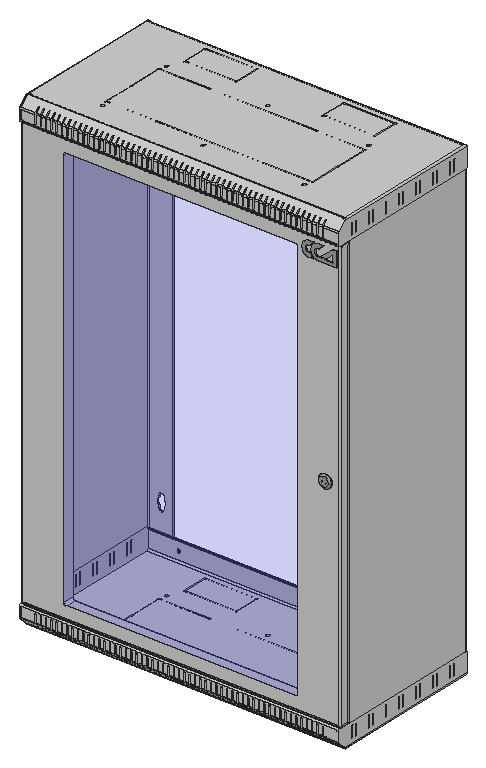
Revit family "Шкаф телекоммуникационный настенный сварной 19” 600х350", category Обобщенные модели, Revit 2019
Family settings
  Может служить основой для арматурных стержней = Нет
  Размер круглого соединителя = Использовать диаметр
  Тип детали = Нормальный
  На основе рабочей плоскости = Нет
  Всегда вертикально = Да
  При загрузке вырезать с полостями = Нет
  Общий = Нет
  Точка расчета площади = Нет
Parameters (values of type "ШТ-НСс 18U (600х300мм) стеклянная дверь")
  Крышка = Крышка 300 : Крышка 300
  Дверь = Дверь_С : Дверь_С
  Высота_двери = ADSK_Размер_Высота - 80 mm  # 813 mm
  ADSK_Этаж [instance] = ""
  ADSK_Размер_Ширина = 600 mm  # constant formula
  ADSK_Размер_Глубина = 300 mm  # constant formula
  ADSK_Размер_Высота = 893 mm
  ADSK_Примечание [instance] = ""
  ADSK_Предел огнестойкости = ""
  ADSK_Позиция [instance] = ""
  ADSK_Обозначение = "ШТ-НСс 18U (600х300мм) стеклянная дверь"
  ADSK_Наименование = "Шкаф телекоммуникационный настенный сварной 19”,18U(600x300), ШТ-НСс-18U-600-300-С дверь стекло ССД"
  ADSK_Материал обозначение = "Серый RAL 7035"  # constant formula
  ADSK_Масса_Текст = "21,0"
  ADSK_Марка [instance] = "ШТ-НСс 18U (600х300мм) стеклянная дверь"
  ADSK_Код изделия = "130411-00761"
  ADSK_Зона = ""
  ADSK_Завод-изготовитель = "АО СВЯЗЬСТРОЙДЕТАЛЬ"  # constant formula
  ADSK_Единица измерения = "шт"  # constant formula
  ADSK_URL страницы изделия = "https://www.ssd.ru/shkaf-telekommunikatsionnyy-nastennyy-svarnoy-19-18u-600x300-sht-nss-18u-600-300-s-dver-steklo"
  ADSK_URL документации изделия = "https://www.ssd.ru/upload/iblock/702/fbps99x9t5k7rvodinq4s9cgysybksc9/sert_sht_np.pdf"
Reference planes
  plane 1 "По центру (Вперед/Назад)": y = 0
  plane 2: z = 0
  plane 3 "По центру (Влево/Вправо)": x = 0
  plane 4: y = 150
  plane 5: y = -150
  plane 6: x = -300
  plane 7: x = 300
  plane 8: z = 446.5
  plane 9: z = -446.5
  plane 10: z = 406.5
  plane 11: z = -406.5
Forms (mm)
  Extrusion 1, solid, material "RAL 7035", detail levels medium+fine
    sketch origin (0, 174.994, 41.996) x (0, 1, 0) y (-1, 0, 0)
      loop
        arc (-28.009, 299) -> (-26.59, 298.412) -> (-26.002, 296.993) r 2.007
        line (-26.002, 296.993) -> (-26.002, 251.293)
        arc (-26.002, 251.293) -> (-25.501, 250.792) -> (-25, 251.293) r 0.501
        line (-25, 251.293) -> (-25, 296.993)
        arc (-25, 296.993) -> (-25.881, 299.119) -> (-28.007, 300) r 3.007
        line (-28.007, 300) -> (-300.506, 300)
        arc (-300.506, 300) -> (-301, 299.506) -> (-300.506, 299.013) r 0.494
        line (-300.506, 299.013) -> (-28.06, 299.013)
      loop
        arc (-28.007, -300) -> (-25.881, -299.119) -> (-25, -296.993) r 3.007
        line (-25, -296.993) -> (-25, -251.293)
        arc (-25, -251.293) -> (-25.501, -250.792) -> (-26.002, -251.293) r 0.501
        line (-26.002, -251.293) -> (-26.002, -296.993)
        arc (-26.002, -296.993) -> (-26.59, -298.412) -> (-28.009, -299) r 2.007
        line (-28.009, -299) -> (-300.5, -299)
        arc (-300.5, -299) -> (-301, -299.5) -> (-300.5, -300) r 0.5
        line (-300.5, -300) -> (-28.007, -300)
    from -448.496 to 364.504
  Extrusion 2, void, detail levels fine
    sketch origin (3.917, 0, 285.311) x (1, 0, 0) y (0, 0, 1)
      loop
        line (273.229, 77.108) -> (273.229, 81.669)
        arc (273.229, 81.669) -> (268.229, 86.669) -> (263.229, 81.669) r 5
        line (263.229, 81.669) -> (263.229, 77.09)
        arc (263.229, 77.09) -> (260.241, 70.854) -> (263.229, 64.618) r 8
        line (263.229, 64.618) -> (263.229, 60.039)
        arc (263.229, 60.039) -> (268.229, 55.039) -> (273.229, 60.039) r 5
        line (273.229, 60.039) -> (273.229, 64.6)
        arc (273.229, 64.6) -> (276.241, 70.854) -> (273.229, 77.108) r 8
    from -149 to -150
  Extrusion 3, void, detail levels fine
    sketch origin (-3.917, 0, 285.311) x (-1, 0, 0) y (0, 0, -1)
      loop
        arc (273.229, -77.108) -> (276.241, -70.854) -> (273.229, -64.6) r 8
        line (273.229, -64.6) -> (273.229, -60.039)
        arc (273.229, -60.039) -> (268.229, -55.039) -> (263.229, -60.039) r 5
        line (263.229, -60.039) -> (263.229, -64.618)
        arc (263.229, -64.618) -> (260.241, -70.854) -> (263.229, -77.09) r 8
        line (263.229, -77.09) -> (263.229, -81.669)
        arc (263.229, -81.669) -> (268.229, -86.669) -> (273.229, -81.669) r 5
        line (273.229, -81.669) -> (273.229, -77.108)
    from -149 to -150
  Extrusion 4, void, detail levels fine
    sketch origin (3.917, 0, -285.311) x (1, 0, 0) y (0, 0, 1)
      loop
        arc (273.229, -77.108) -> (276.241, -70.854) -> (273.229, -64.6) r 8
        line (273.229, -64.6) -> (273.229, -60.039)
        arc (273.229, -60.039) -> (268.229, -55.039) -> (263.229, -60.039) r 5
        line (263.229, -60.039) -> (263.229, -64.618)
        arc (263.229, -64.618) -> (260.241, -70.854) -> (263.229, -77.09) r 8
        line (263.229, -77.09) -> (263.229, -81.669)
        arc (263.229, -81.669) -> (268.229, -86.669) -> (273.229, -81.669) r 5
        line (273.229, -81.669) -> (273.229, -77.108)
    from -149 to -150
  Extrusion 5, void, detail levels fine
    sketch origin (-3.917, 0, -285.311) x (-1, 0, 0) y (0, 0, -1)
      loop
        line (273.229, 77.108) -> (273.229, 81.669)
        arc (273.229, 81.669) -> (268.229, 86.669) -> (263.229, 81.669) r 5
        line (263.229, 81.669) -> (263.229, 77.09)
        arc (263.229, 77.09) -> (260.241, 70.854) -> (263.229, 64.618) r 8
        line (263.229, 64.618) -> (263.229, 60.039)
        arc (263.229, 60.039) -> (268.229, 55.039) -> (273.229, 60.039) r 5
        line (273.229, 60.039) -> (273.229, 64.6)
        arc (273.229, 64.6) -> (276.241, 70.854) -> (273.229, 77.108) r 8
    from -149 to -150
  Extrusion 6, void, not visible, detail levels fine
    sketch origin (3.917, 25, 13.811) x (1, 0, 0) y (0, 0, 1)
      loop
        line (273.229, 77.108) -> (273.229, 81.669)
        arc (273.229, 81.669) -> (268.229, 86.669) -> (263.229, 81.669) r 5
        line (263.229, 81.669) -> (263.229, 77.09)
        arc (263.229, 77.09) -> (260.241, 70.854) -> (263.229, 64.618) r 8
        line (263.229, 64.618) -> (263.229, 60.039)
        arc (263.229, 60.039) -> (268.229, 55.039) -> (273.229, 60.039) r 5
        line (273.229, 60.039) -> (273.229, 64.6)
        arc (273.229, 64.6) -> (276.241, 70.854) -> (273.229, 77.108) r 8
    from -149 to -150
  Extrusion 7, void, not visible, detail levels fine
    sketch origin (-3.917, 25, 13.811) x (-1, 0, 0) y (0, 0, -1)
      loop
        arc (273.229, -77.108) -> (276.241, -70.854) -> (273.229, -64.6) r 8
        line (273.229, -64.6) -> (273.229, -60.039)
        arc (273.229, -60.039) -> (268.229, -55.039) -> (263.229, -60.039) r 5
        line (263.229, -60.039) -> (263.229, -64.618)
        arc (263.229, -64.618) -> (260.241, -70.854) -> (263.229, -77.09) r 8
        line (263.229, -77.09) -> (263.229, -81.669)
        arc (263.229, -81.669) -> (268.229, -86.669) -> (273.229, -81.669) r 5
        line (273.229, -81.669) -> (273.229, -77.108)
    from -149 to -150
  Extrusion 8, void, not visible, detail levels fine
    sketch origin (3.917, 0, -13.811) x (1, 0, 0) y (0, 0, 1)
      loop
        arc (273.229, -77.108) -> (276.241, -70.854) -> (273.229, -64.6) r 8
        line (273.229, -64.6) -> (273.229, -60.039)
        arc (273.229, -60.039) -> (268.229, -55.039) -> (263.229, -60.039) r 5
        line (263.229, -60.039) -> (263.229, -64.618)
        arc (263.229, -64.618) -> (260.241, -70.854) -> (263.229, -77.09) r 8
        line (263.229, -77.09) -> (263.229, -81.669)
        arc (263.229, -81.669) -> (268.229, -86.669) -> (273.229, -81.669) r 5
        line (273.229, -81.669) -> (273.229, -77.108)
    from -149 to -150
  Extrusion 9, void, not visible, detail levels fine
    sketch origin (-3.917, 0, -13.811) x (-1, 0, 0) y (0, 0, -1)
      loop
        line (273.229, 77.108) -> (273.229, 81.669)
        arc (273.229, 81.669) -> (268.229, 86.669) -> (263.229, 81.669) r 5
        line (263.229, 81.669) -> (263.229, 77.09)
        arc (263.229, 77.09) -> (260.241, 70.854) -> (263.229, 64.618) r 8
        line (263.229, 64.618) -> (263.229, 60.039)
        arc (263.229, 60.039) -> (268.229, 55.039) -> (273.229, 60.039) r 5
        line (273.229, 60.039) -> (273.229, 64.6)
        arc (273.229, 64.6) -> (276.241, 70.854) -> (273.229, 77.108) r 8
    from -149 to -150
  Extrusion 10, solid, material "RAL 7035", detail levels coarse
    sketch origin (0, 0, 0) x (1, 0, 0) y (0, 0, 1)
      loop
        line (-300, -446.5) -> (300, -446.5) -> (300, 446.5) -> (-300, 446.5) -> (-300, -446.5)
    from -150 to 150
Cuts and joins
  Extrusion 2, Extrusion 3, Extrusion 4, Extrusion 5 cuts Extrusion 1
Lines and regions (mm)
  reference lines
    curve 1: line (280.158, 0, 356.165) -> (264.158, 0, 356.165)
    curve 3: line (280.158, 0, -356.165) -> (264.158, 0, -356.165)
    curve 5: line (280.158, 0, 0) -> (264.158, 0, 0)
  reference lines, not visible
    curve 2: line (280.158, 25, 84.665) -> (264.158, 25, 84.665)
    curve 4: line (280.158, 0, -84.665) -> (264.158, 0, -84.665)
Dimensions and locks
  "ADSK_Размер_Высота": plane 8 to plane 9
  equal spacing: plane 8, level, plane 9
  equal spacing: plane 7, plane 3 "По центру (Влево/Вправо)", plane 6
  "ADSK_Размер_Ширина": plane 7 to plane 6
  equal spacing: plane 4, plane 1 "По центру (Вперед/Назад)", plane 5
  "ADSK_Размер_Глубина": plane 4 to plane 5
  level to Extrusion 1 = 406.5 mm
  locked: plane 10 to plane 8 at 40
  locked: plane 9 to plane 11 at 40
  locked: curve 1 to plane 10 at 50.335
  locked: plane 11 to curve 3 at 50.335
  locked: nested 4 to plane 8 at 79.54
  locked: nested 1 to plane 8 at 40
  locked: nested 2 to plane 9 at 40
  aligned and locked: level to plane 2
  aligned and locked: Extrusion 1 to plane 6
  aligned and locked: plane 7 to Extrusion 1
  aligned and locked: plane 10 to Extrusion 1
  aligned and locked: Extrusion 1 to plane 11
  aligned and locked: Extrusion 10 to plane 6
  aligned and locked: Extrusion 10 to plane 7
  aligned and locked: Extrusion 10 to plane 9
  aligned and locked: plane 8 to Extrusion 10
  aligned and locked: Extrusion 10 to plane 4
  aligned and locked: Extrusion 10 to plane 5
Automatic sketch dimensions
  Extrusion 2 sketch curve to Extrusion 2 sketch curve = 0 mm  (x5)
  Extrusion 2 sketch curve to Extrusion 2 sketch curve = 5 mm  (x2)
  Extrusion 2 sketch curve to Extrusion 2 sketch curve = 4.988 mm
  Extrusion 2 sketch curve to Extrusion 2 sketch curve = 4.56 mm  (x2)
  Extrusion 2 sketch curve to Extrusion 2 sketch curve = 4.579 mm
  Extrusion 2 sketch curve to Extrusion 2 sketch curve = 6.254 mm
  Extrusion 3 sketch curve to Extrusion 3 sketch curve = 0 mm  (x5)
  Extrusion 3 sketch curve to Extrusion 3 sketch curve = 5 mm  (x2)
  Extrusion 3 sketch curve to Extrusion 3 sketch curve = 4.988 mm
  Extrusion 3 sketch curve to Extrusion 3 sketch curve = 4.56 mm  (x2)
  Extrusion 3 sketch curve to Extrusion 3 sketch curve = 4.579 mm
  Extrusion 3 sketch curve to Extrusion 3 sketch curve = 6.254 mm
  Extrusion 4 sketch curve to Extrusion 4 sketch curve = 0 mm  (x5)
  Extrusion 4 sketch curve to Extrusion 4 sketch curve = 5 mm  (x2)
  Extrusion 4 sketch curve to Extrusion 4 sketch curve = 4.988 mm
  Extrusion 4 sketch curve to Extrusion 4 sketch curve = 4.56 mm  (x2)
  Extrusion 4 sketch curve to Extrusion 4 sketch curve = 4.579 mm
  Extrusion 4 sketch curve to Extrusion 4 sketch curve = 6.254 mm
  Extrusion 5 sketch curve to Extrusion 5 sketch curve = 0 mm  (x5)
  Extrusion 5 sketch curve to Extrusion 5 sketch curve = 5 mm  (x2)
  Extrusion 5 sketch curve to Extrusion 5 sketch curve = 4.988 mm
  Extrusion 5 sketch curve to Extrusion 5 sketch curve = 4.56 mm  (x2)
  Extrusion 5 sketch curve to Extrusion 5 sketch curve = 4.579 mm
  Extrusion 5 sketch curve to Extrusion 5 sketch curve = 6.254 mm
  Extrusion 6 sketch curve to Extrusion 6 sketch curve = 0 mm  (x5)
  Extrusion 6 sketch curve to Extrusion 6 sketch curve = 5 mm  (x2)
  Extrusion 6 sketch curve to Extrusion 6 sketch curve = 4.988 mm
  Extrusion 6 sketch curve to Extrusion 6 sketch curve = 4.56 mm  (x2)
  Extrusion 6 sketch curve to Extrusion 6 sketch curve = 4.579 mm
  Extrusion 6 sketch curve to Extrusion 6 sketch curve = 6.254 mm
  Extrusion 7 sketch curve to Extrusion 7 sketch curve = 0 mm  (x5)
  Extrusion 7 sketch curve to Extrusion 7 sketch curve = 5 mm  (x2)
  Extrusion 7 sketch curve to Extrusion 7 sketch curve = 4.988 mm
  Extrusion 7 sketch curve to Extrusion 7 sketch curve = 4.56 mm  (x2)
  Extrusion 7 sketch curve to Extrusion 7 sketch curve = 4.579 mm
  Extrusion 7 sketch curve to Extrusion 7 sketch curve = 6.254 mm
  Extrusion 8 sketch curve to Extrusion 8 sketch curve = 0 mm  (x5)
  Extrusion 8 sketch curve to Extrusion 8 sketch curve = 5 mm  (x2)
  Extrusion 8 sketch curve to Extrusion 8 sketch curve = 4.988 mm
  Extrusion 8 sketch curve to Extrusion 8 sketch curve = 4.56 mm  (x2)
  Extrusion 8 sketch curve to Extrusion 8 sketch curve = 4.579 mm
  Extrusion 8 sketch curve to Extrusion 8 sketch curve = 6.254 mm
  Extrusion 9 sketch curve to Extrusion 9 sketch curve = 0 mm  (x5)
  Extrusion 9 sketch curve to Extrusion 9 sketch curve = 5 mm  (x2)
  Extrusion 9 sketch curve to Extrusion 9 sketch curve = 4.988 mm
  Extrusion 9 sketch curve to Extrusion 9 sketch curve = 4.56 mm  (x2)
  Extrusion 9 sketch curve to Extrusion 9 sketch curve = 4.579 mm
  Extrusion 9 sketch curve to Extrusion 9 sketch curve = 6.254 mm
  curve 5 to level = 0 mm
  curve 5 to plane 7 = 35.842 mm
  curve 5 to curve 5 = 16 mm
  Extrusion 1 sketch curve to plane 6 = 0 mm
  Extrusion 1 sketch curve to plane 7 = 0 mm
  Extrusion 1 sketch curve to plane 5 = 24.488 mm
  Extrusion 1 sketch curve to plane 7 = 1 mm
  Extrusion 1 sketch curve to plane 5 = 24.494 mm
  plane 4 to Extrusion 1 sketch curve = 3.014 mm  (x2)
  Extrusion 1 sketch curve to Extrusion 1 sketch curve = 0.002 mm  (x2)
  plane 4 to Extrusion 1 sketch curve = 1.008 mm  (x2)
  Extrusion 1 sketch curve to Extrusion 1 sketch curve = 0.501 mm  (x2)
  Extrusion 1 sketch curve to Extrusion 1 sketch curve = 45.7 mm  (x2)
  Extrusion 1 sketch curve to Extrusion 1 sketch curve = 0 mm
  Extrusion 1 sketch curve to Extrusion 1 sketch curve = 0.987 mm
  Extrusion 1 sketch curve to Extrusion 1 sketch curve = 0.052 mm
  Extrusion 10 sketch curve to plane 6 = 0 mm
  Extrusion 10 sketch curve to plane 7 = 0 mm
  Extrusion 10 sketch curve to plane 9 = 0 mm
  Extrusion 10 sketch curve to plane 8 = 0 mm
Nested families
  nested 1: "Крышка 300" at (0, 149.994, 196.5) x (-1, 0, 0) z (0, -1, 0), type "Крышка 300", detail levels medium+fine
  nested 2: "Крышка 300" at (0, 149.994, -196.5) x (-1, 0, 0) z (0, -1, 0), type "Крышка 300", detail levels medium+fine
  nested 3: "Дверь_С" at (0, -126.141, 0), ADSK_Размер_Высота <- "Высота_двери", type <- "Дверь", type "Дверь_С", detail levels medium+fine
    with ADSK_Размер_Высота 813 mm
  nested 4: "Логотип" at (-20, -146.377, -163.835) x (1, 0, 0) z (0, -1, 0), type "Логотип"
Definition of nested family "Крышка 300"
  Parameters (values of type "Крышка 300")
    Default Elevation = 0 mm
    ADSK_Размер_Ширина = 600 mm
    ADSK_Размер_Глубина = 300 mm
    ADSK_Материал = none
  Reference planes
    plane 1 "По центру (Вперед/Назад)": y = 0
    plane 2: z = 0
    plane 3 "По центру (Влево/Вправо)": x = 0
    plane 4: x = 300
    plane 5: x = -300
    plane 6: y = 250
    plane 7: y = -250
    plane 8: z = 300
  Forms (mm)
    Extrusion 1, solid
      sketch origin (0, 0, 0) x (1, 0, 0) y (0, 1, 0)
        loop
          line (-1219.2, 1219.2) -> (-1219.2, -1219.2) -> (1219.2, -1219.2) -> (1219.2, 1219.2) -> (-1219.2, 1219.2)
      from 0 to -304.8
    Extrusion 2, solid, material <- "ADSK_Материал", detail levels medium+fine
      sketch origin (0, 310.254, -563.001) x (0, 1, 0) y (0, 0, 1)
        loop
          arc (-60.254, 844.781) -> (-60.483, 845.929) -> (-61.133, 846.903) r 3
          line (-61.133, 846.903) -> (-76.353, 862.122)
          arc (-76.353, 862.122) -> (-77.326, 862.773) -> (-78.474, 863.001) r 3
          line (-78.474, 863.001) -> (-97.254, 863.001)
          arc (-97.254, 863.001) -> (-99.376, 862.122) -> (-100.254, 860.001) r 3
          line (-100.254, 860.001) -> (-100.254, 566.001)
          arc (-100.254, 566.001) -> (-99.376, 563.88) -> (-97.254, 563.001) r 3
          line (-97.254, 563.001) -> (-63.254, 563.001)
          arc (-63.254, 563.001) -> (-61.133, 563.88) -> (-60.254, 566.001) r 3
          line (-60.254, 566.001) -> (-60.254, 844.781)
      from -300 to 300
    Extrusion 3, void, detail levels fine
      sketch origin (-302.566, 67.262, -39.994) x (1, 0, 0) y (0, 1, 0)
        loop
          line (31.066, 172.333) -> (31.066, 148.933)
          arc (31.066, 148.933) -> (32.566, 147.433) -> (34.066, 148.933) r 1.5
          line (34.066, 148.933) -> (34.066, 172.333)
          arc (34.066, 172.333) -> (32.566, 173.833) -> (31.066, 172.333) r 1.5
      from 339.994 to 300 <- "ADSK_Размер_Глубина"
    Extrusion 4, void, detail levels medium+fine
      sketch origin (0, 0, 0) x (1, 0, 0) y (0, 1, 0)
        loop
          arc (-300, 246.971) -> (-299.113, 249.113) -> (-296.971, 250) r 3.029
          line (-296.971, 250) -> (-300, 250) -> (-300, 246.971)
      from 0 to 300 <- "ADSK_Размер_Глубина"
    Extrusion 5, void, detail levels medium+fine
      sketch origin (0, 0, 0) x (-1, 0, 0) y (0, -1, 0)
        loop
          line (-300, -246.971) -> (-300, -250) -> (-296.971, -250)
          arc (-296.971, -250) -> (-299.113, -249.113) -> (-300, -246.971) r 3.029
      from 0 to 300 <- "ADSK_Размер_Глубина"
    Extrusion 6, void, detail levels fine
      sketch origin (0, 0, -294.506) x (0, 1, 0) y (0, 0, 1)
        loop
          line (238.196, 326.499) -> (216.196, 326.499)
          arc (216.196, 326.499) -> (214.449, 324.752) -> (216.196, 323.006) r 1.747
          line (216.196, 323.006) -> (238.196, 323.006)
          arc (238.196, 323.006) -> (239.942, 324.752) -> (238.196, 326.499) r 1.747
      from 299 to 300
    Extrusion 7, void, detail levels fine
      sketch origin (0, 0, 0) x (1, 0, 0) y (0, 0, 1)
        loop
          line (-101, 105) -> (-101, 107) -> (-193, 107) -> (-193, 167) -> (-195, 167) -> (-195, 105) -> (-101, 105)
        loop
          line (-100, 105) -> (100, 105) -> (100, 107) -> (-100, 107) -> (-100, 105)
        loop
          line (101, 105) -> (195, 105) -> (195, 167) -> (193, 167) -> (193, 107) -> (101, 107) -> (101, 105)
        loop
          line (-101, 231) -> (-195, 231) -> (-195, 169) -> (-193, 169) -> (-193, 229) -> (-101, 229) -> (-101, 231)
        loop
          line (-100, 231) -> (-100, 229) -> (100, 229) -> (100, 231) -> (-100, 231)
        loop
          line (101, 231) -> (101, 229) -> (193, 229) -> (193, 169) -> (195, 169) -> (195, 231) -> (101, 231)
        loop
          circle (189.7, 92.5) r 3.3
        loop
          circle (0, 92.5) r 3.3
        loop
          circle (-189.7, 92.5) r 3.3
        loop
          circle (189.7, 243.5) r 3.3
        loop
          circle (0, 243.5) r 3.3
        loop
          circle (-189.7, 243.5) r 3.3
        loop
          line (83, 65) -> (83, 63) -> (177, 63) -> (177, 65) -> (83, 65)
        loop
          line (178, 65) -> (178, 15) -> (180, 15) -> (180, 65) -> (178, 65)
        loop
          line (83, 15) -> (177, 15) -> (177, 17) -> (83, 17) -> (83, 15)
        loop
          line (82, 65) -> (80, 65) -> (80, 15) -> (82, 15) -> (82, 65)
        loop
          line (-83, 65) -> (-177, 65) -> (-177, 63) -> (-83, 63) -> (-83, 65)
        loop
          line (-178, 65) -> (-180, 65) -> (-180, 15) -> (-178, 15) -> (-178, 65)
        loop
          line (-83, 15) -> (-83, 17) -> (-177, 17) -> (-177, 15) -> (-83, 15)
        loop
          line (-82, 65) -> (-82, 15) -> (-80, 15) -> (-80, 65) -> (-82, 65)
      from -250 to -210
    Extrusion 8, void, detail levels fine
      sketch origin (0, 0, 0) x (0, 1, 0) y (0, 0, 1)
        loop
          arc (213.847, 299.125) -> (211.726, 298.247) -> (210.847, 296.125) r 3
          line (210.847, 296.125) -> (210, 296.125) -> (210, 3.911) -> (210.847, 3.911)
          arc (210.847, 3.911) -> (211.726, 1.79) -> (213.847, 0.911) r 3
          line (213.847, 0.911) -> (246, 0.911)
          arc (246, 0.911) -> (248.121, 1.79) -> (249, 3.911) r 3
          line (249, 3.911) -> (249, 281.785)
          arc (249, 281.785) -> (248.772, 282.932) -> (248.122, 283.904) r 2.997
          line (248.122, 283.904) -> (233.78, 298.247)
          arc (233.78, 298.247) -> (232.807, 298.897) -> (231.659, 299.125) r 3
          line (231.659, 299.125) -> (213.847, 299.125)
      from -299 to 299
    Extrusion 9, void, detail levels fine
      sketch origin (0, 0, -284.506) x (0, 1, 0) y (0, 0, 1)
        loop
          line (238.196, 326.499) -> (216.196, 326.499)
          arc (216.196, 326.499) -> (214.449, 324.752) -> (216.196, 323.006) r 1.747
          line (216.196, 323.006) -> (238.196, 323.006)
          arc (238.196, 323.006) -> (239.942, 324.752) -> (238.196, 326.499) r 1.747
      from 299 to 300
    Extrusion 10, void, detail levels fine
      sketch origin (0, 0, -274.506) x (0, 1, 0) y (0, 0, 1)
        loop
          line (238.196, 326.499) -> (216.196, 326.499)
          arc (216.196, 326.499) -> (214.449, 324.752) -> (216.196, 323.006) r 1.747
          line (216.196, 323.006) -> (238.196, 323.006)
          arc (238.196, 323.006) -> (239.942, 324.752) -> (238.196, 326.499) r 1.747
      from 299 to 300
    Extrusion 11, void, detail levels fine
      sketch origin (0, 0, -264.506) x (0, 1, 0) y (0, 0, 1)
        loop
          line (238.196, 326.499) -> (216.196, 326.499)
          arc (216.196, 326.499) -> (214.449, 324.752) -> (216.196, 323.006) r 1.747
          line (216.196, 323.006) -> (238.196, 323.006)
          arc (238.196, 323.006) -> (239.942, 324.752) -> (238.196, 326.499) r 1.747
      from 299 to 300
    Extrusion 12, void, detail levels fine
      sketch origin (0, 0, -254.506) x (0, 1, 0) y (0, 0, 1)
        loop
          line (238.196, 326.499) -> (216.196, 326.499)
          arc (216.196, 326.499) -> (214.449, 324.752) -> (216.196, 323.006) r 1.747
          line (216.196, 323.006) -> (238.196, 323.006)
          arc (238.196, 323.006) -> (239.942, 324.752) -> (238.196, 326.499) r 1.747
      from 299 to 300
    Extrusion 13, void, detail levels fine
      sketch origin (0, 0, -244.506) x (0, 1, 0) y (0, 0, 1)
        loop
          line (238.196, 326.499) -> (216.196, 326.499)
          arc (216.196, 326.499) -> (214.449, 324.752) -> (216.196, 323.006) r 1.747
          line (216.196, 323.006) -> (238.196, 323.006)
          arc (238.196, 323.006) -> (239.942, 324.752) -> (238.196, 326.499) r 1.747
      from 299 to 300
    Extrusion 14, void, detail levels fine
      sketch origin (0, 0, -234.506) x (0, 1, 0) y (0, 0, 1)
        loop
          line (238.196, 326.499) -> (216.196, 326.499)
          arc (216.196, 326.499) -> (214.449, 324.752) -> (216.196, 323.006) r 1.747
          line (216.196, 323.006) -> (238.196, 323.006)
          arc (238.196, 323.006) -> (239.942, 324.752) -> (238.196, 326.499) r 1.747
      from 299 to 300
    Extrusion 15, void, detail levels fine
      sketch origin (0, 0, -224.506) x (0, 1, 0) y (0, 0, 1)
        loop
          line (238.196, 326.499) -> (216.196, 326.499)
          arc (216.196, 326.499) -> (214.449, 324.752) -> (216.196, 323.006) r 1.747
          line (216.196, 323.006) -> (238.196, 323.006)
          arc (238.196, 323.006) -> (239.942, 324.752) -> (238.196, 326.499) r 1.747
      from 299 to 300
    Extrusion 16, void, detail levels fine
      sketch origin (0, 0, -214.506) x (0, 1, 0) y (0, 0, 1)
        loop
          line (238.196, 326.499) -> (216.196, 326.499)
          arc (216.196, 326.499) -> (214.449, 324.752) -> (216.196, 323.006) r 1.747
          line (216.196, 323.006) -> (238.196, 323.006)
          arc (238.196, 323.006) -> (239.942, 324.752) -> (238.196, 326.499) r 1.747
      from 299 to 300
    Extrusion 17, void, detail levels fine
      sketch origin (0, 0, -204.506) x (0, 1, 0) y (0, 0, 1)
        loop
          line (238.196, 326.499) -> (216.196, 326.499)
          arc (216.196, 326.499) -> (214.449, 324.752) -> (216.196, 323.006) r 1.747
          line (216.196, 323.006) -> (238.196, 323.006)
          arc (238.196, 323.006) -> (239.942, 324.752) -> (238.196, 326.499) r 1.747
      from 299 to 300
    Extrusion 18, void, detail levels fine
      sketch origin (0, 0, -194.506) x (0, 1, 0) y (0, 0, 1)
        loop
          line (238.196, 326.499) -> (216.196, 326.499)
          arc (216.196, 326.499) -> (214.449, 324.752) -> (216.196, 323.006) r 1.747
          line (216.196, 323.006) -> (238.196, 323.006)
          arc (238.196, 323.006) -> (239.942, 324.752) -> (238.196, 326.499) r 1.747
      from 299 to 300
    Extrusion 19, void, detail levels fine
      sketch origin (0, 0, -184.506) x (0, 1, 0) y (0, 0, 1)
        loop
          line (238.196, 326.499) -> (216.196, 326.499)
          arc (216.196, 326.499) -> (214.449, 324.752) -> (216.196, 323.006) r 1.747
          line (216.196, 323.006) -> (238.196, 323.006)
          arc (238.196, 323.006) -> (239.942, 324.752) -> (238.196, 326.499) r 1.747
      from 299 to 300
    Extrusion 20, void, detail levels fine
      sketch origin (0, 0, -174.506) x (0, 1, 0) y (0, 0, 1)
        loop
          line (238.196, 326.499) -> (216.196, 326.499)
          arc (216.196, 326.499) -> (214.449, 324.752) -> (216.196, 323.006) r 1.747
          line (216.196, 323.006) -> (238.196, 323.006)
          arc (238.196, 323.006) -> (239.942, 324.752) -> (238.196, 326.499) r 1.747
      from 299 to 300
    Extrusion 21, void, detail levels fine
      sketch origin (0, 0, -164.506) x (0, 1, 0) y (0, 0, 1)
        loop
          line (238.196, 326.499) -> (216.196, 326.499)
          arc (216.196, 326.499) -> (214.449, 324.752) -> (216.196, 323.006) r 1.747
          line (216.196, 323.006) -> (238.196, 323.006)
          arc (238.196, 323.006) -> (239.942, 324.752) -> (238.196, 326.499) r 1.747
      from 299 to 300
    Extrusion 22, void, detail levels fine
      sketch origin (0, 0, -154.506) x (0, 1, 0) y (0, 0, 1)
        loop
          line (238.196, 326.499) -> (216.196, 326.499)
          arc (216.196, 326.499) -> (214.449, 324.752) -> (216.196, 323.006) r 1.747
          line (216.196, 323.006) -> (238.196, 323.006)
          arc (238.196, 323.006) -> (239.942, 324.752) -> (238.196, 326.499) r 1.747
      from 299 to 300
    Extrusion 23, void, detail levels fine
      sketch origin (0, 0, -94.506) x (0, 1, 0) y (0, 0, 1)
        loop
          line (238.196, 276.499) -> (216.196, 276.499)
          arc (216.196, 276.499) -> (214.449, 274.752) -> (216.196, 273.006) r 1.747
          line (216.196, 273.006) -> (238.196, 273.006)
          arc (238.196, 273.006) -> (239.942, 274.752) -> (238.196, 276.499) r 1.747
      from 299 to 300
    Extrusion 24, void, detail levels fine
      sketch origin (0, 0, -84.506) x (0, 1, 0) y (0, 0, 1)
        loop
          line (238.196, 276.499) -> (216.196, 276.499)
          arc (216.196, 276.499) -> (214.449, 274.752) -> (216.196, 273.006) r 1.747
          line (216.196, 273.006) -> (238.196, 273.006)
          arc (238.196, 273.006) -> (239.942, 274.752) -> (238.196, 276.499) r 1.747
      from 299 to 300
    Extrusion 25, void, detail levels fine
      sketch origin (0, 0, -74.506) x (0, 1, 0) y (0, 0, 1)
        loop
          line (238.196, 276.499) -> (216.196, 276.499)
          arc (216.196, 276.499) -> (214.449, 274.752) -> (216.196, 273.006) r 1.747
          line (216.196, 273.006) -> (238.196, 273.006)
          arc (238.196, 273.006) -> (239.942, 274.752) -> (238.196, 276.499) r 1.747
      from 299 to 300
    Extrusion 26, void, detail levels fine
      sketch origin (0, 0, -64.506) x (0, 1, 0) y (0, 0, 1)
        loop
          line (238.196, 276.499) -> (216.196, 276.499)
          arc (216.196, 276.499) -> (214.449, 274.752) -> (216.196, 273.006) r 1.747
          line (216.196, 273.006) -> (238.196, 273.006)
          arc (238.196, 273.006) -> (239.942, 274.752) -> (238.196, 276.499) r 1.747
      from 299 to 300
    Extrusion 27, void, detail levels fine
      sketch origin (0, 0, -54.506) x (0, 1, 0) y (0, 0, 1)
        loop
          line (238.196, 276.499) -> (216.196, 276.499)
          arc (216.196, 276.499) -> (214.449, 274.752) -> (216.196, 273.006) r 1.747
          line (216.196, 273.006) -> (238.196, 273.006)
          arc (238.196, 273.006) -> (239.942, 274.752) -> (238.196, 276.499) r 1.747
      from 299 to 300
    Extrusion 28, void, detail levels fine
      sketch origin (0, 0, -94.506) x (0, 1, 0) y (0, 0, -1)
        loop
          arc (238.196, -276.499) -> (239.942, -274.752) -> (238.196, -273.006) r 1.747
          line (238.196, -273.006) -> (216.196, -273.006)
          arc (216.196, -273.006) -> (214.449, -274.752) -> (216.196, -276.499) r 1.747
          line (216.196, -276.499) -> (238.196, -276.499)
      from 299 to 300
    Extrusion 29, void, detail levels fine
      sketch origin (0, 0, -84.506) x (0, 1, 0) y (0, 0, -1)
        loop
          arc (238.196, -276.499) -> (239.942, -274.752) -> (238.196, -273.006) r 1.747
          line (238.196, -273.006) -> (216.196, -273.006)
          arc (216.196, -273.006) -> (214.449, -274.752) -> (216.196, -276.499) r 1.747
          line (216.196, -276.499) -> (238.196, -276.499)
      from 299 to 300
    Extrusion 30, void, detail levels fine
      sketch origin (0, 0, -74.506) x (0, 1, 0) y (0, 0, -1)
        loop
          arc (238.196, -276.499) -> (239.942, -274.752) -> (238.196, -273.006) r 1.747
          line (238.196, -273.006) -> (216.196, -273.006)
          arc (216.196, -273.006) -> (214.449, -274.752) -> (216.196, -276.499) r 1.747
          line (216.196, -276.499) -> (238.196, -276.499)
      from 299 to 300
    Extrusion 31, void, detail levels fine
      sketch origin (0, 0, -64.506) x (0, 1, 0) y (0, 0, -1)
        loop
          arc (238.196, -276.499) -> (239.942, -274.752) -> (238.196, -273.006) r 1.747
          line (238.196, -273.006) -> (216.196, -273.006)
          arc (216.196, -273.006) -> (214.449, -274.752) -> (216.196, -276.499) r 1.747
          line (216.196, -276.499) -> (238.196, -276.499)
      from 299 to 300
    Extrusion 32, void, detail levels fine
      sketch origin (0, 0, -54.506) x (0, 1, 0) y (0, 0, -1)
        loop
          arc (238.196, -276.499) -> (239.942, -274.752) -> (238.196, -273.006) r 1.747
          line (238.196, -273.006) -> (216.196, -273.006)
          arc (216.196, -273.006) -> (214.449, -274.752) -> (216.196, -276.499) r 1.747
          line (216.196, -276.499) -> (238.196, -276.499)
      from 299 to 300
    Extrusion 33, void, detail levels fine
      sketch origin (0, 0, -144.506) x (0, 1, 0) y (0, 0, -1)
        loop
          arc (238.196, -276.499) -> (239.942, -274.752) -> (238.196, -273.006) r 1.747
          line (238.196, -273.006) -> (216.196, -273.006)
          arc (216.196, -273.006) -> (214.449, -274.752) -> (216.196, -276.499) r 1.747
          line (216.196, -276.499) -> (238.196, -276.499)
      from 299 to 300
    Extrusion 34, void, detail levels fine
      sketch origin (0, 0, -134.506) x (0, 1, 0) y (0, 0, -1)
        loop
          arc (238.196, -276.499) -> (239.942, -274.752) -> (238.196, -273.006) r 1.747
          line (238.196, -273.006) -> (216.196, -273.006)
          arc (216.196, -273.006) -> (214.449, -274.752) -> (216.196, -276.499) r 1.747
          line (216.196, -276.499) -> (238.196, -276.499)
      from 299 to 300
    Extrusion 35, void, detail levels fine
      sketch origin (0, 0, -124.506) x (0, 1, 0) y (0, 0, -1)
        loop
          arc (238.196, -276.499) -> (239.942, -274.752) -> (238.196, -273.006) r 1.747
          line (238.196, -273.006) -> (216.196, -273.006)
          arc (216.196, -273.006) -> (214.449, -274.752) -> (216.196, -276.499) r 1.747
          line (216.196, -276.499) -> (238.196, -276.499)
      from 299 to 300
    Extrusion 36, void, detail levels fine
      sketch origin (0, 0, -114.506) x (0, 1, 0) y (0, 0, -1)
        loop
          arc (238.196, -276.499) -> (239.942, -274.752) -> (238.196, -273.006) r 1.747
          line (238.196, -273.006) -> (216.196, -273.006)
          arc (216.196, -273.006) -> (214.449, -274.752) -> (216.196, -276.499) r 1.747
          line (216.196, -276.499) -> (238.196, -276.499)
      from 299 to 300
    Extrusion 37, void, detail levels fine
      sketch origin (0, 0, -104.506) x (0, 1, 0) y (0, 0, -1)
        loop
          arc (238.196, -276.499) -> (239.942, -274.752) -> (238.196, -273.006) r 1.747
          line (238.196, -273.006) -> (216.196, -273.006)
          arc (216.196, -273.006) -> (214.449, -274.752) -> (216.196, -276.499) r 1.747
          line (216.196, -276.499) -> (238.196, -276.499)
      from 299 to 300
    Extrusion 38, void, detail levels fine
      sketch origin (0, 0, -244.506) x (0, 1, 0) y (0, 0, -1)
        loop
          arc (238.196, -326.499) -> (239.942, -324.752) -> (238.196, -323.006) r 1.747
          line (238.196, -323.006) -> (216.196, -323.006)
          arc (216.196, -323.006) -> (214.449, -324.752) -> (216.196, -326.499) r 1.747
          line (216.196, -326.499) -> (238.196, -326.499)
      from 299 to 300
    Extrusion 39, void, detail levels fine
      sketch origin (0, 0, -234.506) x (0, 1, 0) y (0, 0, -1)
        loop
          arc (238.196, -326.499) -> (239.942, -324.752) -> (238.196, -323.006) r 1.747
          line (238.196, -323.006) -> (216.196, -323.006)
          arc (216.196, -323.006) -> (214.449, -324.752) -> (216.196, -326.499) r 1.747
          line (216.196, -326.499) -> (238.196, -326.499)
      from 299 to 300
    Extrusion 40, void, detail levels fine
      sketch origin (0, 0, -224.506) x (0, 1, 0) y (0, 0, -1)
        loop
          arc (238.196, -326.499) -> (239.942, -324.752) -> (238.196, -323.006) r 1.747
          line (238.196, -323.006) -> (216.196, -323.006)
          arc (216.196, -323.006) -> (214.449, -324.752) -> (216.196, -326.499) r 1.747
          line (216.196, -326.499) -> (238.196, -326.499)
      from 299 to 300
    Extrusion 41, void, detail levels fine
      sketch origin (0, 0, -214.506) x (0, 1, 0) y (0, 0, -1)
        loop
          arc (238.196, -326.499) -> (239.942, -324.752) -> (238.196, -323.006) r 1.747
          line (238.196, -323.006) -> (216.196, -323.006)
          arc (216.196, -323.006) -> (214.449, -324.752) -> (216.196, -326.499) r 1.747
          line (216.196, -326.499) -> (238.196, -326.499)
      from 299 to 300
    Extrusion 42, void, detail levels fine
      sketch origin (0, 0, -204.506) x (0, 1, 0) y (0, 0, -1)
        loop
          arc (238.196, -326.499) -> (239.942, -324.752) -> (238.196, -323.006) r 1.747
          line (238.196, -323.006) -> (216.196, -323.006)
          arc (216.196, -323.006) -> (214.449, -324.752) -> (216.196, -326.499) r 1.747
          line (216.196, -326.499) -> (238.196, -326.499)
      from 299 to 300
    Extrusion 43, void, detail levels fine
      sketch origin (0, 0, -294.506) x (0, 1, 0) y (0, 0, -1)
        loop
          arc (238.196, -326.499) -> (239.942, -324.752) -> (238.196, -323.006) r 1.747
          line (238.196, -323.006) -> (216.196, -323.006)
          arc (216.196, -323.006) -> (214.449, -324.752) -> (216.196, -326.499) r 1.747
          line (216.196, -326.499) -> (238.196, -326.499)
      from 299 to 300
    Extrusion 44, void, detail levels fine
      sketch origin (0, 0, -284.506) x (0, 1, 0) y (0, 0, -1)
        loop
          arc (238.196, -326.499) -> (239.942, -324.752) -> (238.196, -323.006) r 1.747
          line (238.196, -323.006) -> (216.196, -323.006)
          arc (216.196, -323.006) -> (214.449, -324.752) -> (216.196, -326.499) r 1.747
          line (216.196, -326.499) -> (238.196, -326.499)
      from 299 to 300
    Extrusion 45, void, detail levels fine
      sketch origin (0, 0, -274.506) x (0, 1, 0) y (0, 0, -1)
        loop
          arc (238.196, -326.499) -> (239.942, -324.752) -> (238.196, -323.006) r 1.747
          line (238.196, -323.006) -> (216.196, -323.006)
          arc (216.196, -323.006) -> (214.449, -324.752) -> (216.196, -326.499) r 1.747
          line (216.196, -326.499) -> (238.196, -326.499)
      from 299 to 300
    Extrusion 46, void, detail levels fine
      sketch origin (0, 0, -264.506) x (0, 1, 0) y (0, 0, -1)
        loop
          arc (238.196, -326.499) -> (239.942, -324.752) -> (238.196, -323.006) r 1.747
          line (238.196, -323.006) -> (216.196, -323.006)
          arc (216.196, -323.006) -> (214.449, -324.752) -> (216.196, -326.499) r 1.747
          line (216.196, -326.499) -> (238.196, -326.499)
      from 299 to 300
    Extrusion 47, void, detail levels fine
      sketch origin (0, 0, -254.506) x (0, 1, 0) y (0, 0, -1)
        loop
          arc (238.196, -326.499) -> (239.942, -324.752) -> (238.196, -323.006) r 1.747
          line (238.196, -323.006) -> (216.196, -323.006)
          arc (216.196, -323.006) -> (214.449, -324.752) -> (216.196, -326.499) r 1.747
          line (216.196, -326.499) -> (238.196, -326.499)
      from 299 to 300
    Extrusion 48, void, detail levels fine
      sketch origin (-292.566, 67.262, -39.994) x (1, 0, 0) y (0, 1, 0)
        loop
          line (31.066, 172.333) -> (31.066, 148.933)
          arc (31.066, 148.933) -> (32.566, 147.433) -> (34.066, 148.933) r 1.5
          line (34.066, 148.933) -> (34.066, 172.333)
          arc (34.066, 172.333) -> (32.566, 173.833) -> (31.066, 172.333) r 1.5
      from 339.994 to 300 <- "ADSK_Размер_Глубина"
    Extrusion 49, void, detail levels fine
      sketch origin (-282.566, 67.262, -39.994) x (1, 0, 0) y (0, 1, 0)
        loop
          line (31.066, 172.333) -> (31.066, 148.933)
          arc (31.066, 148.933) -> (32.566, 147.433) -> (34.066, 148.933) r 1.5
          line (34.066, 148.933) -> (34.066, 172.333)
          arc (34.066, 172.333) -> (32.566, 173.833) -> (31.066, 172.333) r 1.5
      from 339.994 to 300 <- "ADSK_Размер_Глубина"
    Extrusion 50, void, detail levels fine
      sketch origin (-272.566, 67.262, -39.994) x (1, 0, 0) y (0, 1, 0)
        loop
          line (31.066, 172.333) -> (31.066, 148.933)
          arc (31.066, 148.933) -> (32.566, 147.433) -> (34.066, 148.933) r 1.5
          line (34.066, 148.933) -> (34.066, 172.333)
          arc (34.066, 172.333) -> (32.566, 173.833) -> (31.066, 172.333) r 1.5
      from 339.994 to 300 <- "ADSK_Размер_Глубина"
    Extrusion 51, void, detail levels fine
      sketch origin (-262.566, 67.262, -39.994) x (1, 0, 0) y (0, 1, 0)
        loop
          line (31.066, 172.333) -> (31.066, 148.933)
          arc (31.066, 148.933) -> (32.566, 147.433) -> (34.066, 148.933) r 1.5
          line (34.066, 148.933) -> (34.066, 172.333)
          arc (34.066, 172.333) -> (32.566, 173.833) -> (31.066, 172.333) r 1.5
      from 339.994 to 300 <- "ADSK_Размер_Глубина"
    Extrusion 52, void, detail levels fine
      sketch origin (-252.566, 67.262, -39.994) x (1, 0, 0) y (0, 1, 0)
        loop
          line (31.066, 172.333) -> (31.066, 148.933)
          arc (31.066, 148.933) -> (32.566, 147.433) -> (34.066, 148.933) r 1.5
          line (34.066, 148.933) -> (34.066, 172.333)
          arc (34.066, 172.333) -> (32.566, 173.833) -> (31.066, 172.333) r 1.5
      from 339.994 to 300 <- "ADSK_Размер_Глубина"
    Extrusion 53, void, detail levels fine
      sketch origin (-242.566, 67.262, -39.994) x (1, 0, 0) y (0, 1, 0)
        loop
          line (31.066, 172.333) -> (31.066, 148.933)
          arc (31.066, 148.933) -> (32.566, 147.433) -> (34.066, 148.933) r 1.5
          line (34.066, 148.933) -> (34.066, 172.333)
          arc (34.066, 172.333) -> (32.566, 173.833) -> (31.066, 172.333) r 1.5
      from 339.994 to 300 <- "ADSK_Размер_Глубина"
    Extrusion 54, void, detail levels fine
      sketch origin (-232.566, 67.262, -39.994) x (1, 0, 0) y (0, 1, 0)
        loop
          line (31.066, 172.333) -> (31.066, 148.933)
          arc (31.066, 148.933) -> (32.566, 147.433) -> (34.066, 148.933) r 1.5
          line (34.066, 148.933) -> (34.066, 172.333)
          arc (34.066, 172.333) -> (32.566, 173.833) -> (31.066, 172.333) r 1.5
      from 339.994 to 300 <- "ADSK_Размер_Глубина"
    Extrusion 55, void, detail levels fine
      sketch origin (-222.566, 67.262, -39.994) x (1, 0, 0) y (0, 1, 0)
        loop
          line (31.066, 172.333) -> (31.066, 148.933)
          arc (31.066, 148.933) -> (32.566, 147.433) -> (34.066, 148.933) r 1.5
          line (34.066, 148.933) -> (34.066, 172.333)
          arc (34.066, 172.333) -> (32.566, 173.833) -> (31.066, 172.333) r 1.5
      from 339.994 to 300 <- "ADSK_Размер_Глубина"
    Extrusion 56, void, detail levels fine
      sketch origin (-212.566, 67.262, -39.994) x (1, 0, 0) y (0, 1, 0)
        loop
          line (31.066, 172.333) -> (31.066, 148.933)
          arc (31.066, 148.933) -> (32.566, 147.433) -> (34.066, 148.933) r 1.5
          line (34.066, 148.933) -> (34.066, 172.333)
          arc (34.066, 172.333) -> (32.566, 173.833) -> (31.066, 172.333) r 1.5
      from 339.994 to 300 <- "ADSK_Размер_Глубина"
    Extrusion 57, void, detail levels fine
      sketch origin (-202.566, 67.262, -39.994) x (1, 0, 0) y (0, 1, 0)
        loop
          line (31.066, 172.333) -> (31.066, 148.933)
          arc (31.066, 148.933) -> (32.566, 147.433) -> (34.066, 148.933) r 1.5
          line (34.066, 148.933) -> (34.066, 172.333)
          arc (34.066, 172.333) -> (32.566, 173.833) -> (31.066, 172.333) r 1.5
      from 339.994 to 300 <- "ADSK_Размер_Глубина"
    Extrusion 58, void, detail levels fine
      sketch origin (-192.566, 67.262, -39.994) x (1, 0, 0) y (0, 1, 0)
        loop
          line (31.066, 172.333) -> (31.066, 148.933)
          arc (31.066, 148.933) -> (32.566, 147.433) -> (34.066, 148.933) r 1.5
          line (34.066, 148.933) -> (34.066, 172.333)
          arc (34.066, 172.333) -> (32.566, 173.833) -> (31.066, 172.333) r 1.5
      from 339.994 to 300 <- "ADSK_Размер_Глубина"
    Extrusion 59, void, detail levels fine
      sketch origin (-182.566, 67.262, -39.994) x (1, 0, 0) y (0, 1, 0)
        loop
          line (31.066, 172.333) -> (31.066, 148.933)
          arc (31.066, 148.933) -> (32.566, 147.433) -> (34.066, 148.933) r 1.5
          line (34.066, 148.933) -> (34.066, 172.333)
          arc (34.066, 172.333) -> (32.566, 173.833) -> (31.066, 172.333) r 1.5
      from 339.994 to 300 <- "ADSK_Размер_Глубина"
    Extrusion 60, void, detail levels fine
      sketch origin (-172.566, 67.262, -39.994) x (1, 0, 0) y (0, 1, 0)
        loop
          line (31.066, 172.333) -> (31.066, 148.933)
          arc (31.066, 148.933) -> (32.566, 147.433) -> (34.066, 148.933) r 1.5
          line (34.066, 148.933) -> (34.066, 172.333)
          arc (34.066, 172.333) -> (32.566, 173.833) -> (31.066, 172.333) r 1.5
      from 339.994 to 300 <- "ADSK_Размер_Глубина"
    Extrusion 61, void, detail levels fine
      sketch origin (-162.566, 67.262, -39.994) x (1, 0, 0) y (0, 1, 0)
        loop
          line (31.066, 172.333) -> (31.066, 148.933)
          arc (31.066, 148.933) -> (32.566, 147.433) -> (34.066, 148.933) r 1.5
          line (34.066, 148.933) -> (34.066, 172.333)
          arc (34.066, 172.333) -> (32.566, 173.833) -> (31.066, 172.333) r 1.5
      from 339.994 to 300 <- "ADSK_Размер_Глубина"
    Extrusion 62, void, detail levels fine
      sketch origin (-152.566, 67.262, -39.994) x (1, 0, 0) y (0, 1, 0)
        loop
          line (31.066, 172.333) -> (31.066, 148.933)
          arc (31.066, 148.933) -> (32.566, 147.433) -> (34.066, 148.933) r 1.5
          line (34.066, 148.933) -> (34.066, 172.333)
          arc (34.066, 172.333) -> (32.566, 173.833) -> (31.066, 172.333) r 1.5
      from 339.994 to 300 <- "ADSK_Размер_Глубина"
    Extrusion 63, void, detail levels fine
      sketch origin (-142.566, 67.262, -39.994) x (1, 0, 0) y (0, 1, 0)
        loop
          line (31.066, 172.333) -> (31.066, 148.933)
          arc (31.066, 148.933) -> (32.566, 147.433) -> (34.066, 148.933) r 1.5
          line (34.066, 148.933) -> (34.066, 172.333)
          arc (34.066, 172.333) -> (32.566, 173.833) -> (31.066, 172.333) r 1.5
      from 339.994 to 300 <- "ADSK_Размер_Глубина"
    Extrusion 64, void, detail levels fine
      sketch origin (-132.566, 67.262, -39.994) x (1, 0, 0) y (0, 1, 0)
        loop
          line (31.066, 172.333) -> (31.066, 148.933)
          arc (31.066, 148.933) -> (32.566, 147.433) -> (34.066, 148.933) r 1.5
          line (34.066, 148.933) -> (34.066, 172.333)
          arc (34.066, 172.333) -> (32.566, 173.833) -> (31.066, 172.333) r 1.5
      from 339.994 to 300 <- "ADSK_Размер_Глубина"
    Extrusion 65, void, detail levels fine
      sketch origin (-122.566, 67.262, -39.994) x (1, 0, 0) y (0, 1, 0)
        loop
          line (31.066, 172.333) -> (31.066, 148.933)
          arc (31.066, 148.933) -> (32.566, 147.433) -> (34.066, 148.933) r 1.5
          line (34.066, 148.933) -> (34.066, 172.333)
          arc (34.066, 172.333) -> (32.566, 173.833) -> (31.066, 172.333) r 1.5
      from 339.994 to 300 <- "ADSK_Размер_Глубина"
    Extrusion 66, void, detail levels fine
      sketch origin (-112.566, 67.262, -39.994) x (1, 0, 0) y (0, 1, 0)
        loop
          line (31.066, 172.333) -> (31.066, 148.933)
          arc (31.066, 148.933) -> (32.566, 147.433) -> (34.066, 148.933) r 1.5
          line (34.066, 148.933) -> (34.066, 172.333)
          arc (34.066, 172.333) -> (32.566, 173.833) -> (31.066, 172.333) r 1.5
      from 339.994 to 300 <- "ADSK_Размер_Глубина"
    Extrusion 67, void, detail levels fine
      sketch origin (-102.566, 67.262, -39.994) x (1, 0, 0) y (0, 1, 0)
        loop
          line (31.066, 172.333) -> (31.066, 148.933)
          arc (31.066, 148.933) -> (32.566, 147.433) -> (34.066, 148.933) r 1.5
          line (34.066, 148.933) -> (34.066, 172.333)
          arc (34.066, 172.333) -> (32.566, 173.833) -> (31.066, 172.333) r 1.5
      from 339.994 to 300 <- "ADSK_Размер_Глубина"
    Extrusion 68, void, detail levels fine
      sketch origin (-92.566, 67.262, -39.994) x (1, 0, 0) y (0, 1, 0)
        loop
          line (31.066, 172.333) -> (31.066, 148.933)
          arc (31.066, 148.933) -> (32.566, 147.433) -> (34.066, 148.933) r 1.5
          line (34.066, 148.933) -> (34.066, 172.333)
          arc (34.066, 172.333) -> (32.566, 173.833) -> (31.066, 172.333) r 1.5
      from 339.994 to 300 <- "ADSK_Размер_Глубина"
    Extrusion 69, void, detail levels fine
      sketch origin (-82.566, 67.262, -39.994) x (1, 0, 0) y (0, 1, 0)
        loop
          line (31.066, 172.333) -> (31.066, 148.933)
          arc (31.066, 148.933) -> (32.566, 147.433) -> (34.066, 148.933) r 1.5
          line (34.066, 148.933) -> (34.066, 172.333)
          arc (34.066, 172.333) -> (32.566, 173.833) -> (31.066, 172.333) r 1.5
      from 339.994 to 300 <- "ADSK_Размер_Глубина"
    Extrusion 70, void, detail levels fine
      sketch origin (-72.566, 67.262, -39.994) x (1, 0, 0) y (0, 1, 0)
        loop
          line (31.066, 172.333) -> (31.066, 148.933)
          arc (31.066, 148.933) -> (32.566, 147.433) -> (34.066, 148.933) r 1.5
          line (34.066, 148.933) -> (34.066, 172.333)
          arc (34.066, 172.333) -> (32.566, 173.833) -> (31.066, 172.333) r 1.5
      from 339.994 to 300 <- "ADSK_Размер_Глубина"
    Extrusion 71, void, detail levels fine
      sketch origin (-62.566, 67.262, -39.994) x (1, 0, 0) y (0, 1, 0)
        loop
          line (31.066, 172.333) -> (31.066, 148.933)
          arc (31.066, 148.933) -> (32.566, 147.433) -> (34.066, 148.933) r 1.5
          line (34.066, 148.933) -> (34.066, 172.333)
          arc (34.066, 172.333) -> (32.566, 173.833) -> (31.066, 172.333) r 1.5
      from 339.994 to 300 <- "ADSK_Размер_Глубина"
    Extrusion 72, void, detail levels fine
      sketch origin (-52.566, 67.262, -39.994) x (1, 0, 0) y (0, 1, 0)
        loop
          line (31.066, 172.333) -> (31.066, 148.933)
          arc (31.066, 148.933) -> (32.566, 147.433) -> (34.066, 148.933) r 1.5
          line (34.066, 148.933) -> (34.066, 172.333)
          arc (34.066, 172.333) -> (32.566, 173.833) -> (31.066, 172.333) r 1.5
      from 339.994 to 300 <- "ADSK_Размер_Глубина"
    Extrusion 73, void, detail levels fine
      sketch origin (-42.566, 67.262, -39.994) x (1, 0, 0) y (0, 1, 0)
        loop
          line (31.066, 172.333) -> (31.066, 148.933)
          arc (31.066, 148.933) -> (32.566, 147.433) -> (34.066, 148.933) r 1.5
          line (34.066, 148.933) -> (34.066, 172.333)
          arc (34.066, 172.333) -> (32.566, 173.833) -> (31.066, 172.333) r 1.5
      from 339.994 to 300 <- "ADSK_Размер_Глубина"
    Extrusion 74, void, detail levels fine
      sketch origin (-32.566, 67.262, -39.994) x (1, 0, 0) y (0, 1, 0)
        loop
          line (31.066, 172.333) -> (31.066, 148.933)
          arc (31.066, 148.933) -> (32.566, 147.433) -> (34.066, 148.933) r 1.5
          line (34.066, 148.933) -> (34.066, 172.333)
          arc (34.066, 172.333) -> (32.566, 173.833) -> (31.066, 172.333) r 1.5
      from 339.994 to 300 <- "ADSK_Размер_Глубина"
    Extrusion 75, void, detail levels fine
      sketch origin (-22.566, 67.262, -39.994) x (1, 0, 0) y (0, 1, 0)
        loop
          line (31.066, 172.333) -> (31.066, 148.933)
          arc (31.066, 148.933) -> (32.566, 147.433) -> (34.066, 148.933) r 1.5
          line (34.066, 148.933) -> (34.066, 172.333)
          arc (34.066, 172.333) -> (32.566, 173.833) -> (31.066, 172.333) r 1.5
      from 339.994 to 300 <- "ADSK_Размер_Глубина"
    Extrusion 76, void, detail levels fine
      sketch origin (-12.566, 67.262, -39.994) x (1, 0, 0) y (0, 1, 0)
        loop
          line (31.066, 172.333) -> (31.066, 148.933)
          arc (31.066, 148.933) -> (32.566, 147.433) -> (34.066, 148.933) r 1.5
          line (34.066, 148.933) -> (34.066, 172.333)
          arc (34.066, 172.333) -> (32.566, 173.833) -> (31.066, 172.333) r 1.5
      from 339.994 to 300 <- "ADSK_Размер_Глубина"
    Extrusion 77, void, detail levels fine
      sketch origin (-2.566, 67.262, -39.994) x (1, 0, 0) y (0, 1, 0)
        loop
          line (31.066, 172.333) -> (31.066, 148.933)
          arc (31.066, 148.933) -> (32.566, 147.433) -> (34.066, 148.933) r 1.5
          line (34.066, 148.933) -> (34.066, 172.333)
          arc (34.066, 172.333) -> (32.566, 173.833) -> (31.066, 172.333) r 1.5
      from 339.994 to 300 <- "ADSK_Размер_Глубина"
    Extrusion 78, void, detail levels fine
      sketch origin (7.434, 67.262, -39.994) x (1, 0, 0) y (0, 1, 0)
        loop
          line (31.066, 172.333) -> (31.066, 148.933)
          arc (31.066, 148.933) -> (32.566, 147.433) -> (34.066, 148.933) r 1.5
          line (34.066, 148.933) -> (34.066, 172.333)
          arc (34.066, 172.333) -> (32.566, 173.833) -> (31.066, 172.333) r 1.5
      from 339.994 to 300 <- "ADSK_Размер_Глубина"
    Extrusion 79, void, detail levels fine
      sketch origin (17.434, 67.262, -39.994) x (1, 0, 0) y (0, 1, 0)
        loop
          line (31.066, 172.333) -> (31.066, 148.933)
          arc (31.066, 148.933) -> (32.566, 147.433) -> (34.066, 148.933) r 1.5
          line (34.066, 148.933) -> (34.066, 172.333)
          arc (34.066, 172.333) -> (32.566, 173.833) -> (31.066, 172.333) r 1.5
      from 339.994 to 300 <- "ADSK_Размер_Глубина"
    Extrusion 80, void, detail levels fine
      sketch origin (27.434, 67.262, -39.994) x (1, 0, 0) y (0, 1, 0)
        loop
          line (31.066, 172.333) -> (31.066, 148.933)
          arc (31.066, 148.933) -> (32.566, 147.433) -> (34.066, 148.933) r 1.5
          line (34.066, 148.933) -> (34.066, 172.333)
          arc (34.066, 172.333) -> (32.566, 173.833) -> (31.066, 172.333) r 1.5
      from 339.994 to 300 <- "ADSK_Размер_Глубина"
    Extrusion 81, void, detail levels fine
      sketch origin (37.434, 67.262, -39.994) x (1, 0, 0) y (0, 1, 0)
        loop
          line (31.066, 172.333) -> (31.066, 148.933)
          arc (31.066, 148.933) -> (32.566, 147.433) -> (34.066, 148.933) r 1.5
          line (34.066, 148.933) -> (34.066, 172.333)
          arc (34.066, 172.333) -> (32.566, 173.833) -> (31.066, 172.333) r 1.5
      from 339.994 to 300 <- "ADSK_Размер_Глубина"
    Extrusion 82, void, detail levels fine
      sketch origin (47.434, 67.262, -39.994) x (1, 0, 0) y (0, 1, 0)
        loop
          line (31.066, 172.333) -> (31.066, 148.933)
          arc (31.066, 148.933) -> (32.566, 147.433) -> (34.066, 148.933) r 1.5
          line (34.066, 148.933) -> (34.066, 172.333)
          arc (34.066, 172.333) -> (32.566, 173.833) -> (31.066, 172.333) r 1.5
      from 339.994 to 300 <- "ADSK_Размер_Глубина"
    Extrusion 83, void, detail levels fine
      sketch origin (57.434, 67.262, -39.994) x (1, 0, 0) y (0, 1, 0)
        loop
          line (31.066, 172.333) -> (31.066, 148.933)
          arc (31.066, 148.933) -> (32.566, 147.433) -> (34.066, 148.933) r 1.5
          line (34.066, 148.933) -> (34.066, 172.333)
          arc (34.066, 172.333) -> (32.566, 173.833) -> (31.066, 172.333) r 1.5
      from 339.994 to 300 <- "ADSK_Размер_Глубина"
    Extrusion 84, void, detail levels fine
      sketch origin (67.434, 67.262, -39.994) x (1, 0, 0) y (0, 1, 0)
        loop
          line (31.066, 172.333) -> (31.066, 148.933)
          arc (31.066, 148.933) -> (32.566, 147.433) -> (34.066, 148.933) r 1.5
          line (34.066, 148.933) -> (34.066, 172.333)
          arc (34.066, 172.333) -> (32.566, 173.833) -> (31.066, 172.333) r 1.5
      from 339.994 to 300 <- "ADSK_Размер_Глубина"
    Extrusion 85, void, detail levels fine
      sketch origin (77.434, 67.262, -39.994) x (1, 0, 0) y (0, 1, 0)
        loop
          line (31.066, 172.333) -> (31.066, 148.933)
          arc (31.066, 148.933) -> (32.566, 147.433) -> (34.066, 148.933) r 1.5
          line (34.066, 148.933) -> (34.066, 172.333)
          arc (34.066, 172.333) -> (32.566, 173.833) -> (31.066, 172.333) r 1.5
      from 339.994 to 300 <- "ADSK_Размер_Глубина"
    Extrusion 86, void, detail levels fine
      sketch origin (87.434, 67.262, -39.994) x (1, 0, 0) y (0, 1, 0)
        loop
          line (31.066, 172.333) -> (31.066, 148.933)
          arc (31.066, 148.933) -> (32.566, 147.433) -> (34.066, 148.933) r 1.5
          line (34.066, 148.933) -> (34.066, 172.333)
          arc (34.066, 172.333) -> (32.566, 173.833) -> (31.066, 172.333) r 1.5
      from 339.994 to 300 <- "ADSK_Размер_Глубина"
    Extrusion 87, void, detail levels fine
      sketch origin (97.434, 67.262, -39.994) x (1, 0, 0) y (0, 1, 0)
        loop
          line (31.066, 172.333) -> (31.066, 148.933)
          arc (31.066, 148.933) -> (32.566, 147.433) -> (34.066, 148.933) r 1.5
          line (34.066, 148.933) -> (34.066, 172.333)
          arc (34.066, 172.333) -> (32.566, 173.833) -> (31.066, 172.333) r 1.5
      from 339.994 to 300 <- "ADSK_Размер_Глубина"
    Extrusion 88, void, detail levels fine
      sketch origin (107.434, 67.262, -39.994) x (1, 0, 0) y (0, 1, 0)
        loop
          line (31.066, 172.333) -> (31.066, 148.933)
          arc (31.066, 148.933) -> (32.566, 147.433) -> (34.066, 148.933) r 1.5
          line (34.066, 148.933) -> (34.066, 172.333)
          arc (34.066, 172.333) -> (32.566, 173.833) -> (31.066, 172.333) r 1.5
      from 339.994 to 300 <- "ADSK_Размер_Глубина"
    Extrusion 89, void, detail levels fine
      sketch origin (117.434, 67.262, -39.994) x (1, 0, 0) y (0, 1, 0)
        loop
          line (31.066, 172.333) -> (31.066, 148.933)
          arc (31.066, 148.933) -> (32.566, 147.433) -> (34.066, 148.933) r 1.5
          line (34.066, 148.933) -> (34.066, 172.333)
          arc (34.066, 172.333) -> (32.566, 173.833) -> (31.066, 172.333) r 1.5
      from 339.994 to 300 <- "ADSK_Размер_Глубина"
    Extrusion 90, void, detail levels fine
      sketch origin (127.434, 67.262, -39.994) x (1, 0, 0) y (0, 1, 0)
        loop
          line (31.066, 172.333) -> (31.066, 148.933)
          arc (31.066, 148.933) -> (32.566, 147.433) -> (34.066, 148.933) r 1.5
          line (34.066, 148.933) -> (34.066, 172.333)
          arc (34.066, 172.333) -> (32.566, 173.833) -> (31.066, 172.333) r 1.5
      from 339.994 to 300 <- "ADSK_Размер_Глубина"
    Extrusion 91, void, detail levels fine
      sketch origin (137.434, 67.262, -39.994) x (1, 0, 0) y (0, 1, 0)
        loop
          line (31.066, 172.333) -> (31.066, 148.933)
          arc (31.066, 148.933) -> (32.566, 147.433) -> (34.066, 148.933) r 1.5
          line (34.066, 148.933) -> (34.066, 172.333)
          arc (34.066, 172.333) -> (32.566, 173.833) -> (31.066, 172.333) r 1.5
      from 339.994 to 300 <- "ADSK_Размер_Глубина"
    Extrusion 92, void, detail levels fine
      sketch origin (147.434, 67.262, -39.994) x (1, 0, 0) y (0, 1, 0)
        loop
          line (31.066, 172.333) -> (31.066, 148.933)
          arc (31.066, 148.933) -> (32.566, 147.433) -> (34.066, 148.933) r 1.5
          line (34.066, 148.933) -> (34.066, 172.333)
          arc (34.066, 172.333) -> (32.566, 173.833) -> (31.066, 172.333) r 1.5
      from 339.994 to 300 <- "ADSK_Размер_Глубина"
    Extrusion 93, void, detail levels fine
      sketch origin (157.434, 67.262, -39.994) x (1, 0, 0) y (0, 1, 0)
        loop
          line (31.066, 172.333) -> (31.066, 148.933)
          arc (31.066, 148.933) -> (32.566, 147.433) -> (34.066, 148.933) r 1.5
          line (34.066, 148.933) -> (34.066, 172.333)
          arc (34.066, 172.333) -> (32.566, 173.833) -> (31.066, 172.333) r 1.5
      from 339.994 to 300 <- "ADSK_Размер_Глубина"
    Extrusion 94, void, detail levels fine
      sketch origin (167.434, 67.262, -39.994) x (1, 0, 0) y (0, 1, 0)
        loop
          line (31.066, 172.333) -> (31.066, 148.933)
          arc (31.066, 148.933) -> (32.566, 147.433) -> (34.066, 148.933) r 1.5
          line (34.066, 148.933) -> (34.066, 172.333)
          arc (34.066, 172.333) -> (32.566, 173.833) -> (31.066, 172.333) r 1.5
      from 339.994 to 300 <- "ADSK_Размер_Глубина"
    Extrusion 95, void, detail levels fine
      sketch origin (177.434, 67.262, -39.994) x (1, 0, 0) y (0, 1, 0)
        loop
          line (31.066, 172.333) -> (31.066, 148.933)
          arc (31.066, 148.933) -> (32.566, 147.433) -> (34.066, 148.933) r 1.5
          line (34.066, 148.933) -> (34.066, 172.333)
          arc (34.066, 172.333) -> (32.566, 173.833) -> (31.066, 172.333) r 1.5
      from 339.994 to 300 <- "ADSK_Размер_Глубина"
    Extrusion 96, void, detail levels fine
      sketch origin (187.434, 67.262, -39.994) x (1, 0, 0) y (0, 1, 0)
        loop
          line (31.066, 172.333) -> (31.066, 148.933)
          arc (31.066, 148.933) -> (32.566, 147.433) -> (34.066, 148.933) r 1.5
          line (34.066, 148.933) -> (34.066, 172.333)
          arc (34.066, 172.333) -> (32.566, 173.833) -> (31.066, 172.333) r 1.5
      from 339.994 to 300 <- "ADSK_Размер_Глубина"
    Extrusion 97, void, detail levels fine
      sketch origin (197.434, 67.262, -39.994) x (1, 0, 0) y (0, 1, 0)
        loop
          line (31.066, 172.333) -> (31.066, 148.933)
